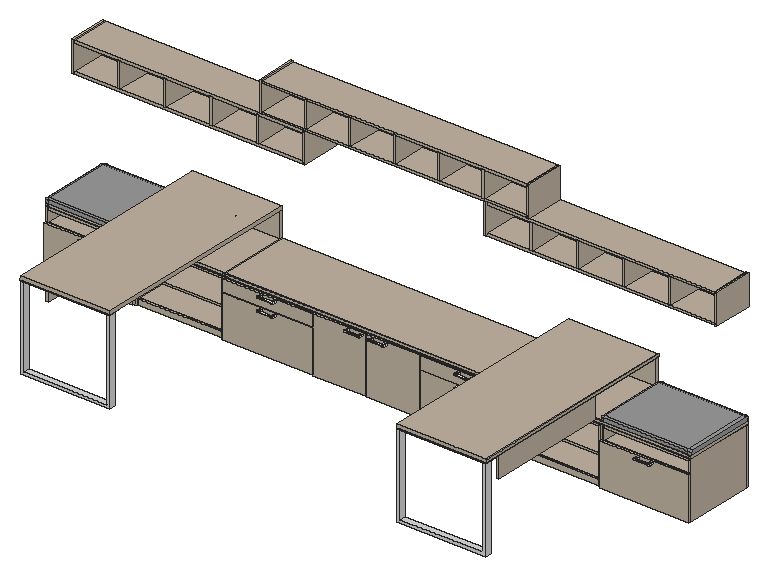
Revit family "JSI-Vision-Typical_Laminate-VST111", category Furniture, Revit 2020
Family settings
  OmniClass Number = 23.40.20.00
  OmniClass Title = General Furniture and Specialties
  Work Plane-Based = No
  Always vertical = Yes
  Cut with Voids When Loaded = No
  Shared = No
  Room Calculation Point = No
Parameters (values of type "VST111")
  URL = "www.jsifurniture.com"
  Type Comments = "Typical Laminate"  # constant formula
  Model = "VST111"
  Manufacturer = "JSI"  # constant formula
  Keynote = "12500"
  Default Elevation = 0"
  Assembly Code = "E2020200"
Reference planes (in)
  plane 1 "Center Front/Back": y = 0
  plane 2: z = 0
  plane 3 "Center Left/Right": x = 0
Dimensions and locks (in)
  aligned and locked: level to plane 2
Nested families (in)
  nested 1: "JSI-Vision-Bench_Height_Cushion" at (-108, -0.00381, 0.5406), type "VSB2430CUSH, 24d Bench H Cushion, 30 W"
    with Width 30"
  nested 2: "JSI-Vision-Wall_Mount_Cubby" at (-108.125, 0.129, -7.85025), type "VST1078WCU, Laminate Wall Mount Cubby 10" x 78""
    with Overall Height 72", Verticall Partition Distance 15.45", Ver. Partition Start Distance 15.45", Unit Centre 39", Width 78", Overhead Height 0.0684", Height 10.056", Depth 12.996", # of Vertical Partition 4
  nested 3: "JSI-Vision-Rectangle_Desk_Top" at (-48, 0, -1.6464) x (0, -1, 0) z (0, 0, 1), type "VST3072MCT, Laminate Rectangular Desk Top, 30" x 72""
    with Width 72"
  nested 4: "JSI-Vision-Bench_Height_T_Sup" at (84.25163, -10.75, 20.0406), type "VSTB1030TSP, Laminate 30  Bench Height T Supports"
    with Width 29 5/8", Height 8.313"
  nested 5: "JSI-Vision-Single Door_Modular_Bench_Pedestal" at (-18, -0.74619, 0), type "VSTB2418MHL, Sngl Door Modular Bench Ped Left"
  nested 6: "JSI-Vision-Single Door_Modular_Bench_Pedestal" at (0, -0.74619, 0), type "VSTB2418MHR, Sngl Door Modular Bench Ped Right"
  nested 7: "JSI-Vision-Box_File_Modular_Bench_Pedestal" at (-48, -0.74619, 0), type "VSTB2430MBF - Laminate BF Modular Bench H Ped"
    with Width 30", Height 18.744", Depth 24"
  nested 8: "JSI-Vision-Open_Shelf_File_Modular_Bench_Pedestal" at (-108, -0.74619, 0), type "VSTB2430MOF, Laminate OF Modular Bench H Ped"
    with Width 30", Height 18.744", Depth 24"
  nested 9: "JSI-Vision-Open_Shelf_Modular_Bench_Pedestal" at (-78, -0.74238, 0), type "VSTB2430MOS, Laminate OS Modular Bench H Ped"
    with Width 30", Height 18.744", Depth 24"
  nested 10: "JSI-Vision-Bench_Height_Modular_Top" at (-108, 0, -0.6469), type "VSTB2460MT, Laminate Mod Bench H Top, 24" x 60""
    with Width 60", Depth 24"
  nested 11: "JSI-Vision-Bench_Height_Modular_Top" at (-48, 0, -0.756), type "VSTB2496MT, Laminate Mod Bench H Top, 24" x 96""
    with Width 96", Depth 24"
  nested 12: "JSI-Vision-Box_File_Modular_Bench_Pedestal" at (48, -0.74619, 0) x (-1, 0, 0) z (0, 0, 1), type "VSTB2430MBF - Laminate BF Modular Bench H Ped"
    with Width 30", Height 18.744", Depth 24"
  nested 13: "JSI-Vision-Open_Shelf_File_Modular_Bench_Pedestal" at (108, -0.74619, 0) x (-1, 0, 0) z (0, 0, 1), type "VSTB2430MOF, Laminate OF Modular Bench H Ped"
    with Width 30", Height 18.744", Depth 24"
  nested 14: "JSI-Vision-Open_Shelf_Modular_Bench_Pedestal" at (78, -0.74238, 0) x (-1, 0, 0) z (0, 0, 1), type "VSTB2430MOS, Laminate OS Modular Bench H Ped"
    with Width 30", Height 18.744", Depth 24"
  nested 15: "JSI-Vision-Bench_Height_T_Sup" at (-84.25163, -10.75, 20.0406) x (-1, 0, 0) z (0, 0, 1), type "VSTB1030TSP, Laminate 30  Bench Height T Supports"
    with Width 29 5/8", Height 8.313"
  nested 16: "JSI-Vision-Bench_Height_Modular_Top" at (108, 0, -0.6469) x (-1, 0, 0) z (0, 0, 1), type "VSTB2460MT, Laminate Mod Bench H Top, 24" x 60""
    with Width 60", Depth 24"
  nested 17: "JSI-Vision-Rectangle_Desk_Top" at (48, 0, -1.6464) x (0, -1, 0) z (0, 0, 1), type "VST3072MCT, Laminate Rectangular Desk Top, 30" x 72""
    with Width 72"
  nested 18: "JSI-Vision-Bench_Height_Cushion" at (108, -0.00381, 0.5406) x (-1, 0, 0) z (0, 0, 1), type "VSB2430CUSH, 24d Bench H Cushion, 30 W"
    with Width 30"
  nested 19: "JSI-Vision-Wall_Mount_Cubby" at (108.125, 0.129, -7.85025) x (-1, 0, 0) z (0, 0, 1), type "VST1078WCU, Laminate Wall Mount Cubby 10" x 78""
    with Overall Height 72", Verticall Partition Distance 15.45", Ver. Partition Start Distance 15.45", Unit Centre 39", Width 78", Overhead Height 0.0684", Height 10.056", Depth 12.996", # of Vertical Partition 4
  nested 20: "JSI-Vision-Wall_Mount_Cubby" at (-45.125, 0.129, 2.24425), type "VST1090WCU, Laminate Wall Mount Cubby 10" x 90""
    with Overall Height 72", Verticall Partition Distance 14 7/8", Ver. Partition Start Distance 14 7/8", Unit Centre 45", Width 90", Overhead Height 0.066", Height 10.032", Depth 12.996", # of Vertical Partition 5
  nested 21: "JSI-Vision-Metal_Rectangular_Base" at (-48.09375, -71, 0) x (0, -1, 0) z (0, 0, 1), type "VSB3028FSQ, Metal Rectangular Base for Peninsula 28 5/16"H"
  nested 22: "JSI-Vision-Metal_Rectangular_Base" at (77.90625, -71, 0) x (0, -1, 0) z (0, 0, 1), type "VSB3028FSQ, Metal Rectangular Base for Peninsula 28 5/16"H"
  nested 23: "JSI-Vision-Support_Rail_Work_Surface" at (-71, -64.00599, 0.54138) x (0, 1, 0) z (0, 0, 1), type "GP0255SB, Metal Support Rail for Work Surface  2W 55 L 3/4H"
  nested 24: "JSI-Vision-Support_Rail_Work_Surface" at (-55, -64.00599, 0.54138) x (0, 1, 0) z (0, 0, 1), type "GP0255SB, Metal Support Rail for Work Surface  2W 55 L 3/4H"
  nested 25: "JSI-Vision-Support_Rail_Work_Surface" at (71, -64.00599, 0.54138) x (0, 1, 0) z (0, 0, 1), type "GP0255SB, Metal Support Rail for Work Surface  2W 55 L 3/4H"
  nested 26: "JSI-Vision-Support_Rail_Work_Surface" at (55, -64.00599, 0.54138) x (0, 1, 0) z (0, 0, 1), type "GP0255SB, Metal Support Rail for Work Surface  2W 55 L 3/4H"
  nested 27: "JSI-Vision-Adj_Bridge_Modesty" at (-75.75, -64.00599, -0.4589) x (0, 1, 0) z (0, 0, 1), type "VST0940TDM, Modesty for Adj Bridge, 40"W"
  nested 28: "JSI-Vision-Adj_Bridge_Modesty" at (75.75, -64.00599, -0.4589) x (0, 1, 0) z (0, 0, 1), type "VST0940TDM, Modesty for Adj Bridge, 40"W"
  nested 29: "JSI-Vision-Filler_Back_Panel_for_Bench_Height" at (-108, 0, 0), type "VSTB0419MBK, Filler Back Panel for Bench Height 18 3/4"H, 4"W"
    with Height 18 27/32"
  nested 30: "JSI-Vision-Filler_Back_Panel_for_Bench_Height" at (104, 0, 0), type "VSTB0419MBK, Filler Back Panel for Bench Height 18 3/4"H, 4"W"
    with Height 18 27/32"
Definition of nested family "JSI-Vision-Bench_Height_Cushion"
  Parameters (values of type "Type Catalog")
    Width = 36"
    URL = "www.jsifurniture.com"
    Type Comments = ""
    Series = "Vision Casegoods"  # constant formula
    Model = "Type Catalog"
    Material = ""
    Manufacturer = "JSI"  # constant formula
    Keynote = "12500"
    JSI Enviromental Website = "http://www.jsifurniture.com/jsi_sustainability_intro.php"
    Height = 1 1/2"
    Description = "Type Catalog"
    Depth = 24"
    Default Elevation = 0"
    Cushion Finish = none
    Bench Height = 19 1/2"
    Assembly Code = "E2020200"
  Reference planes (in)
    plane 1 "Center Front/Back": y = 0
    plane 2: z = 0
    plane 3 "Center Left/Right": x = 0
    plane 4: z = 0
    plane 5: z = 19.5
    plane 6: z = 21
    plane 7: z = 20.625
    plane 8: x = 36
    plane 9: y = -24
  Forms (in)
    Sweep 1, solid, material <- "Cushion Finish"
      path origin (7.5, 51.481, 49.125) x (0, 1, 0) y (0, 0, 1)
        loop
          line (-51.481, -29.625) -> (-51.481, -28.5625)
          arc (-51.481, -28.5625) -> (-51.60914, -28.25314) -> (-51.9185, -28.125) r 0.4375
          line (-51.9185, -28.125) -> (-75.0435, -28.125)
          arc (-75.0435, -28.125) -> (-75.35286, -28.25314) -> (-75.481, -28.5625) r 0.4375
          line (-75.481, -28.5625) -> (-75.481, -29.625)
      profile origin (7.5, -12, 21) x (0, 0, -1) y (1, 0, 0)
        loop
          line (0.375, -7.5) -> (0.375, 28.5)
          spline (0.375, 28.5) -> (0.32605, 28.49144) -> (0.27794, 28.46593) -> (0.23149, 28.42388) -> (0.1875, 28.36603) -> (0.14671, 28.29335) -> (0.10983, 28.20711) -> (0.07749, 28.10876) -> (0.05024, 28) -> (0.02855, 27.88268) -> (0.01278, 27.75882) -> (0.00321, 27.63053) -> (0, 27.5)
          line (0, 27.5) -> (0, -6.5)
          spline (0, -6.5) -> (0.00321, -6.63053) -> (0.01278, -6.75882) -> (0.02855, -6.88268) -> (0.05024, -7) -> (0.07749, -7.10876) -> (0.10983, -7.20711) -> (0.14671, -7.29335) -> (0.1875, -7.36603) -> (0.23149, -7.42388) -> (0.27794, -7.46593) -> (0.32605, -7.49144) -> (0.375, -7.5)
    Extrusion 2, solid, material <- "Cushion Finish"
      sketch origin (7.5, 51.481, 49.125) x (0, 1, 0) y (0, 0, 1)
        loop
          line (-51.856, -29.625) -> (-51.856, -28.5625)
          arc (-51.856, -28.5625) -> (-51.87431, -28.51831) -> (-51.9185, -28.5) r 0.0625
          line (-51.9185, -28.5) -> (-75.0435, -28.5)
          arc (-75.0435, -28.5) -> (-75.0877, -28.51831) -> (-75.106, -28.5625) r 0.0625
          line (-75.106, -28.5625) -> (-75.106, -29.625) -> (-51.856, -29.625)
      from -7.5 to 28.5
  Lines and regions (in)
    symbolic lines
      curve 1: line (36, -0.375, 0) -> (36, -23.625, 0)
      curve 2: line (35, -24, 0) -> (1, -24, 0)
      curve 3: spline (0, -23.625, 0) -> (0.00856, -23.67395, 0) -> (0.03407, -23.72206, 0) -> (0.07612, -23.76851, 0) -> (0.13397, -23.8125, 0) -> (0.20665, -23.85329, 0) -> (0.29289, -23.89017, 0) -> (0.39124, -23.92251, 0) -> (0.5, -23.94976, 0) -> (0.61732, -23.97145, 0) -> (0.74118, -23.98722, 0) -> (0.86947, -23.99679, 0) -> (1, -24, 0)
      curve 4: spline (36, -23.625, 0) -> (35.99144, -23.67395, 0) -> (35.96593, -23.72206, 0) -> (35.92388, -23.76851, 0) -> (35.86603, -23.8125, 0) -> (35.79335, -23.85329, 0) -> (35.70711, -23.89017, 0) -> (35.60876, -23.92251, 0) -> (35.5, -23.94976, 0) -> (35.38268, -23.97145, 0) -> (35.25882, -23.98722, 0) -> (35.13053, -23.99679, 0) -> (35, -24, 0)
      curve 5: line (1, 0, 0) -> (35, 0, 0)
      curve 6: spline (36, -0.375, 0) -> (35.99144, -0.32605, 0) -> (35.96593, -0.27794, 0) -> (35.92388, -0.23149, 0) -> (35.86603, -0.1875, 0) -> (35.79335, -0.14671, 0) -> (35.70711, -0.10983, 0) -> (35.60876, -0.07749, 0) -> (35.5, -0.05024, 0) -> (35.38268, -0.02855, 0) -> (35.25882, -0.01278, 0) -> (35.13053, -0.00321, 0) -> (35, 0, 0)
      curve 7: spline (0, -0.375, 0) -> (0.00856, -0.32605, 0) -> (0.03407, -0.27794, 0) -> (0.07612, -0.23149, 0) -> (0.13397, -0.1875, 0) -> (0.20665, -0.14671, 0) -> (0.29289, -0.10983, 0) -> (0.39124, -0.07749, 0) -> (0.5, -0.05024, 0) -> (0.61732, -0.02855, 0) -> (0.74118, -0.01278, 0) -> (0.86947, -0.00321, 0) -> (1, 0, 0)
      curve 8: line (0, -0.375, 0) -> (0, -23.625, 0)
  Dimensions and locks (in)
    "Height": plane 6 to plane 5
    locked: plane 7 to plane 5 at 1.125
    "Bench Height": plane 5 to level
    "Width": plane 3 "Center Left/Right" to plane 8
    "Depth": plane 1 "Center Front/Back" to plane 9
    locked: Sweep 1 sketch curve to plane 3 "Center Left/Right" at 1
    locked: Sweep 1 sketch curve to plane 8 at 1
    aligned and locked: level to plane 2
    aligned and locked: level to plane 4
    aligned and locked: Sweep 1 to plane 5
    aligned and locked: Extrusion 2 to Sweep 1  (x3)
    aligned and locked: Extrusion 2 to plane 3 "Center Left/Right"
    aligned and locked: Extrusion 2 to plane 8
    aligned and locked: plane 1 "Center Front/Back" to Sweep 1 sketch curve
    aligned and locked: plane 9 to Sweep 1 sketch curve
    aligned and locked: Sweep 1 sketch curve to plane 6
  Automatic sketch dimensions
    Sweep 1 sketch curve to plane 5 = 0"  (x2)
    Sweep 1 sketch curve to plane 7 = 1/16"
    plane 1 "Center Front/Back" to Sweep 1 sketch curve = 7/16"
    Sweep 1 sketch curve to profile plane = 0"
    Sweep 1 sketch curve to profile plane = 3/8"
    Sweep 1 sketch curve to Sweep 1 sketch curve = 1"  (x2)
    Extrusion 2 sketch curve to plane 5 = 0"
    Extrusion 2 sketch curve to plane 7 = 0"
    plane 9 to Extrusion 2 sketch curve = 3/8"
    Extrusion 2 sketch curve to plane 7 = 1/16"
    plane 1 "Center Front/Back" to Extrusion 2 sketch curve = 7/16"
    plane 1 "Center Front/Back" to Extrusion 2 sketch curve = 3/8"
    curve 3 to plane 3 "Center Left/Right" = 0"
    curve 3 to plane 9 = 0"
    plane 1 "Center Front/Back" to curve 7 = 0"
    curve 4 to plane 8 = 0"
    plane 3 "Center Left/Right" to curve 2 = 1"
    plane 3 "Center Left/Right" to curve 5 = 1"
    plane 8 to curve 5 = 1"
    plane 8 to curve 2 = 1"
    plane 9 to curve 1 = 3/8"
    plane 1 "Center Front/Back" to curve 1 = 3/8"
    plane 9 to curve 3 = 3/8"
    plane 1 "Center Front/Back" to curve 8 = 3/8"
Definition of nested family "JSI-Vision-Wall_Mount_Cubby"
  Parameters (values of type "Type Catalog")
    Verticall Partition Distance = if(Width > 47", ((Width - 3/4" - 3/4" - (# of Vertical Partition * 3/4")) / (# of Vertical Partition + 1) + 3/4"), 0")  # 17 3/4"
    Ver. Partition Start Distance = if(Width < 48", (Unit Centre - 3/8"), Verticall Partition Distance)  # 17 3/4"
    Unit Centre = Width / 2  # 27"
    Width = 54"
    URL = "www.jsifurniture.com"
    Type Comments = ""
    Tag = "Open"
    Series = "Vision Casegoods"  # constant formula
    Overhead Height = 1/16"
    Overall Height [instance] = 72"
    Model = "Type Catalog"
    Material = ""
    Manufacturer = "JSI"  # constant formula
    Keynote = "12500"
    JSI Enviromental Website = "http://www.svxfurniture.com/svx_sustainability_intro.php"
    Height = 10"
    Description = "Type Catalog"
    Depth = 13"
    Default Elevation = 0"
    Chassis = none
    Assembly Code = "E2020200"
    # of Vertical Partition = if(Width > 89", 5, (if(Width > 77", 4, (if(Width > 59", 3, (if(Width > 47", 2, 2)))))))  # 2
  Reference planes (in)
    plane 1 "Center Front/Back": y = 0
    plane 2: z = 0
    plane 3 "Center Left/Right": x = 0
    plane 4: z = 0
    plane 5: y = -0.125
    plane 6: x = 54.25
    plane 7: x = 0.125
    plane 8: x = 54.125
    plane 9: y = -13.21875
    plane 10: z = 72
    plane 11: x = 0.875
    plane 12: x = 53.375
    plane 13: y = -0.9375
    plane 14: y = -1.6875
    plane 15: z = 71.1875
    plane 16: z = 61.9375
    plane 17: z = 62.6875
    plane 18: z = 61.90625
    plane 19: z = 66
    plane 20: z = 68.1875
    plane 21: z = 69
    plane 22: x = 1.5
    plane 23: x = 52.75
    plane 24: y = -13.125
    plane 25: x = 27.125
    plane 26: z = 71.9375
    plane 27: z = 71.90625
    plane 28: x = 17.875
    plane 29: x = 18.25
    plane 30: x = 18.625
    plane 31: x = 0.5
    plane 32: x = 53.75
  Forms (in)
    Extrusion 1, solid, material <- "Chassis"
      sketch origin (0, 0, 0) x (1, 0, 0) y (0, 1, 0)
        loop
          line (0.125, -0.125) -> (0.125, -13.21875) -> (0.875, -13.21875) -> (0.875, -0.125) -> (0.125, -0.125)
      from 61.90625 to 72
    Extrusion 2, solid, material <- "Chassis"
      sketch origin (0, 0, 0) x (1, 0, 0) y (0, 1, 0)
        loop
          line (54.125, -0.125) -> (53.375, -0.125) -> (53.375, -13.21875) -> (54.125, -13.21875) -> (54.125, -0.125)
      from 61.90625 to 72
    Extrusion 3, solid, material <- "Chassis"
      sketch origin (0, 0, 0) x (1, 0, 0) y (0, 0, 1)
        loop
          line (0.875, 71.9375) -> (0.875, 71.1875) -> (53.375, 71.1875) -> (53.375, 71.9375) -> (0.875, 71.9375)
      from 0.125 to 13.125
    Extrusion 4, solid, material <- "Chassis"
      sketch origin (0, 0, 0) x (1, 0, 0) y (0, 0, 1)
        loop
          line (0.875, 62.6875) -> (0.875, 61.9375) -> (53.375, 61.9375) -> (53.375, 62.6875) -> (0.875, 62.6875)
      from 1.6875 to 13.125
    Extrusion 5, solid, material <- "Chassis"
      sketch origin (130.61992, -0.9375, 48) x (1, 0, 0) y (0, 0, 1)
        loop
          line (-129.74492, 23.1875) -> (-129.74492, 13.9375) -> (-77.24492, 13.9375) -> (-77.24492, 23.1875) -> (-129.74492, 23.1875)
      from 0 to 0.75
    Extrusion 6, solid, material <- "Chassis"
      sketch origin (1.5, -180, 96) x (0, 0, 1) y (0, -1, 0)
        loop
          line (-24.8125, -179.875) -> (-24.8125, -179.0625) -> (-27, -179.0625) -> (-27.8125, -179.875) -> (-24.8125, -179.875)
      from -0.625 to 51.875
    Extrusion 7, solid, material <- "Chassis"
      sketch origin (1.5, -180, 96) x (0, 0, 1) y (0, -1, 0)
        loop
          line (-27, -179.0625) -> (-30, -179.0625) -> (-30, -179.875) -> (-27.8125, -179.875) -> (-27, -179.0625)
      from 0 to 51.25
    Extrusion 8, solid, material <- "Chassis"
      sketch origin (136.18242, -1.6875, 79.90625) x (1, 0, 0) y (0, 0, 1)
        loop
          line (-118.30742, -8.71875) -> (-118.30742, -17.21875) -> (-117.55742, -17.21875) -> (-117.55742, -8.71875) -> (-118.30742, -8.71875)
      from 0 to 11.4375
    Extrusion 9, solid, material <- "Chassis"
      sketch origin (153.93242, -1.6875, 79.90625) x (1, 0, 0) y (0, 0, 1)
        loop
          line (-118.30742, -8.71875) -> (-118.30742, -17.21875) -> (-117.55742, -17.21875) -> (-117.55742, -8.71875) -> (-118.30742, -8.71875)
      from 0 to 11.4375
  Lines and regions (in)
    symbolic lines
      curve 1: line (54.125, -0.125, 0) -> (0.125, -0.125, 0)
      curve 2: line (0.125, -0.125, 0) -> (0.125, -13.21875, 0)
      curve 3: line (54.125, -13.21875, 0) -> (54.125, -0.125, 0)
      curve 4: line (0.125, -13.21875, 0) -> (54.125, -13.21875, 0)
  Dimensions and locks (in)
    locked: plane 3 "Center Left/Right" to plane 7 at 0.125
    locked: plane 8 to plane 6 at 0.125
    locked: plane 5 to plane 1 "Center Front/Back" at 0.125
    locked: plane 7 to plane 11 at 0.75
    locked: plane 12 to plane 8 at 0.75
    plane 14 to plane 13 to plane 5 = 3/4" locked, 13/16" locked
    plane 10 to plane 26 to plane 15 = 1/16" locked, 3/4" locked
    plane 17 to plane 16 to plane 18 = 3/4" locked, 1/32" locked
    locked: plane 11 to plane 22 at 0.625
    locked: plane 23 to plane 12 at 0.625
    plane 15 to plane 21 to plane 20 to plane 19 = 2 3/16" locked, 13/16" locked, 2 3/16" locked
    locked: plane 9 to plane 24 at 0.09375
    "Depth": plane 24 to plane 5
    "Width": plane 7 to plane 8
    "Unit Centre": plane 7 to plane 25
    locked: plane 10 to plane 27 at 0.09375
    "Height": plane 27 to plane 18
    plane 28 to plane 29 to plane 30 = 3/8" locked, 3/8" locked
    locked: plane 7 to plane 31 at 0.375
    locked: plane 32 to plane 8 at 0.375
    group 1 to group 2 = 17 3/4"
    group 1 to group 2 = 0"  (x2)
    "Verticall Partition Distance": Extrusion 8 to Extrusion 9
    "Ver. Partition Start Distance": plane 11 to plane 30
    "Overall Height": plane 10 to level
    aligned and locked: level to plane 2
    aligned and locked: plane 5 to Extrusion 1 sketch curve
    aligned and locked: plane 7 to Extrusion 1 sketch curve
    aligned and locked: Extrusion 1 sketch curve to plane 11
    aligned and locked: Extrusion 2 sketch curve to plane 5
    aligned and locked: plane 8 to Extrusion 2 sketch curve
    aligned and locked: Extrusion 2 sketch curve to plane 12
    aligned and locked: plane 9 to Extrusion 1
    aligned and locked: plane 9 to Extrusion 2
    aligned and locked: Extrusion 4 sketch curve to plane 17
    aligned and locked: plane 11 to Extrusion 4 sketch curve
    aligned and locked: plane 16 to Extrusion 4 sketch curve
    aligned and locked: Extrusion 4 sketch curve to plane 12
    aligned and locked: Extrusion 4 to plane 14
    aligned and locked: Extrusion 1 to Extrusion 5 sketch curve
    aligned and locked: Extrusion 2 to Extrusion 5 sketch curve
    aligned and locked: Extrusion 1 to plane 18
    aligned and locked: Extrusion 2 to plane 18
    aligned and locked: plane 5 to Extrusion 6 sketch curve
    aligned and locked: Extrusion 6 sketch curve to plane 13
    aligned and locked: Extrusion 6 sketch curve to plane 15
    aligned and locked: plane 20 to Extrusion 6 sketch curve
    aligned and locked: plane 21 to Extrusion 6 sketch curve
    aligned and locked: Extrusion 6 to plane 11
    aligned and locked: plane 12 to Extrusion 6
    aligned and locked: Extrusion 7 sketch curve to Extrusion 6
    aligned and locked: Extrusion 7 sketch curve to plane 5
    aligned and locked: plane 13 to Extrusion 7 sketch curve
    aligned and locked: Extrusion 7 sketch curve to plane 19
    aligned and locked: plane 21 to Extrusion 7 sketch curve
    aligned and locked: plane 20 to Extrusion 7 sketch curve
    aligned and locked: Extrusion 7 to plane 22
    aligned and locked: plane 23 to Extrusion 7
    aligned and locked: plane 9 to nested 1
    aligned and locked: plane 10 to Extrusion 1
    aligned and locked: plane 10 to Extrusion 2
    aligned and locked: plane 26 to Extrusion 3
    aligned and locked: Extrusion 3 to plane 15
    aligned and locked: plane 24 to Extrusion 3
    aligned and locked: plane 24 to Extrusion 4
    aligned and locked: Extrusion 5 to plane 16
    aligned and locked: Extrusion 3 to plane 5
    aligned and locked: Extrusion 8 to plane 14
    aligned and locked: plane 24 to Extrusion 8
    aligned and locked: plane 30 to Extrusion 8
    aligned and locked: Extrusion 8 to plane 28
    aligned and locked: plane 15 to Extrusion 8
    aligned and locked: plane 15 to Extrusion 9
    aligned and locked: plane 25 to nested 1
  Automatic sketch dimensions
    Extrusion 3 sketch curve to plane 8 = 3/4"
    Extrusion 3 sketch curve to plane 15 = 0"
    plane 9 to Extrusion 2 sketch curve = 0"
    plane 9 to Extrusion 1 sketch curve = 0"
    curve 2 to plane 7 = 0"
    plane 5 to curve 3 = 0"
    curve 3 to plane 8 = 0"
    plane 9 to curve 4 = 0"
    plane 7 to Extrusion 3 sketch curve = 3/4"
    plane 15 to Extrusion 5 sketch curve = 0"
    Extrusion 3 sketch curve to plane 10 = 1/16"
    Extrusion 8 sketch curve to Extrusion 8 sketch curve = 3/4"
    Extrusion 8 sketch curve to Extrusion 8 sketch curve = 8 1/2"
    Extrusion 9 sketch curve to Extrusion 9 sketch curve = 3/4"
    Extrusion 9 sketch curve to Extrusion 9 sketch curve = 8 1/2"
    Extrusion 5 sketch curve to plane 16 = 0"
  Nested families (in)
    nested 1: "Label 1-16 OH" at (27.125, -13.21875, 0), type "OH DOORS"
  Definition of nested family "Label 1-16 OH"
    Parameters
      Width = 1"
      Model Name = "XX"
    Reference planes (in)
      plane 1: y = 0
      plane 2: x = 0
    Text (in)
      label "XX" at (0.00051, -0.12324, 0), shows "Model Name"
Definition of nested family "JSI-Vision-Rectangle_Desk_Top"
  Parameters (values of type "Type Catalog")
    Worksurface = none
    Width = 42"
    URL = "www.jsifurniture.com"
    Type Comments = ""
    Series = "Vision Casegoods"  # constant formula
    Model = "Type Catalog"
    Material = ""
    Manufacturer = "JSI"  # constant formula
    Keynote = "12500"
    JSI Enviromental Website = "http://www.jsifurniture.com/jsi_sustainability_intro.php"
    Height = 30"
    Description = "Type Catalog"
    Depth = 30"
    Default Elevation = 0"
    Assembly Code = "E2020200"
  Reference planes (in)
    plane 1 "Center Front/Back": y = 0
    plane 2: z = 0
    plane 3 "Center Left/Right": x = 0
    plane 4: z = 0
    plane 5: x = 42
    plane 6: y = -30
    plane 7: z = 31.1875
    plane 8: z = 30
  Forms (in)
    Extrusion 1, solid, material <- "Worksurface"
      sketch origin (0, 0, 28) x (0, 1, 0) y (0, 0, 1)
        loop
          line (-29.88189, 2) -> (0, 2) -> (0, 3.1875) -> (-29.88189, 3.1875)
          arc (-29.88189, 3.1875) -> (-29.96541, 3.15291) -> (-30, 3.06939) r 0.11811
          line (-30, 3.06939) -> (-30, 2.11811)
          arc (-30, 2.11811) -> (-29.96541, 2.03459) -> (-29.88189, 2) r 0.11811
      from 0 to 42
  Lines and regions (in)
    symbolic lines
      curve 1: line (0, 0, 0) -> (42, 0, 0)
      curve 2: line (0, -30, 0) -> (0, 0, 0)
      curve 3: line (42, -30, 0) -> (0, -30, 0)
      curve 4: line (42, 0, 0) -> (42, -30, 0)
  Dimensions and locks (in)
    "Depth": plane 6 to plane 1 "Center Front/Back"
    "Width": plane 5 to plane 3 "Center Left/Right"
    locked: plane 7 to plane 8 at 1.1875
    "Height": plane 8 to level
    aligned and locked: level to plane 2
    aligned and locked: plane 5 to Extrusion 1
    aligned and locked: curve 1 to Extrusion 1
    aligned and locked: curve 2 to Extrusion 1
    aligned and locked: plane 6 to curve 3
    aligned and locked: curve 4 to plane 5
    aligned and locked: Extrusion 1 to plane 8
    aligned and locked: Extrusion 1 to plane 7
  Automatic sketch dimensions
    Extrusion 1 sketch curve to plane 6 = 0"
    level to Extrusion 1 sketch curve = 30"
    Extrusion 1 sketch curve to plane 7 = 0"
    Extrusion 1 sketch curve to plane 1 "Center Front/Back" = 0"
    Extrusion 1 sketch curve to Extrusion 1 sketch curve = 0.11811"
    plane 6 to Extrusion 1 sketch curve = 0.11811"
Definition of nested family "JSI-Vision-Bench_Height_T_Sup"
  Parameters (values of type "Type Catalog")
    Default Elevation = 0"
    Chassis Finish = none
    Width = 23 5/8"
    URL = "www.jsifurniture.com"
    Type Comments = ""
    Series = "Vision Casegoods"  # constant formula
    Model = "Type Catalog"
    Material = ""
    Manufacturer = "JSI"  # constant formula
    Keynote = "12500"
    JSI Enviromental Website = "http://www.jsifurniture.com/jsi_sustainability_intro.php"
    Height = 8 5/16"
    Grommet Finish = none
    Description = "Type Catalog"
    Depth = 9 3/4"
    Assembly Code = "E2020200"
  Reference planes (in)
    plane 1: z = 0
    plane 2 "Center (Left/Right)": x = -36.06413
    plane 3: z = 8.3125
    plane 4: y = 1
    plane 5 "Center (Front/Back)": y = 10.75
    plane 6: x = -24.25163
    plane 7: x = -12.43913
    plane 8: z = 6.92112
    plane 9: y = 10
    plane 10: y = 8
    plane 11: z = 6.875
    plane 12: x = -23.87663
    plane 13: x = -24.62663
  Forms (in)
    Extrusion 1, solid, material <- "Chassis Finish"
      sketch origin (0, 10.75, 0) x (1, 0, 0) y (0, 0, 1)
        loop
          line (-36.06413, 8.3125) -> (-36.06413, 0) -> (-12.43913, 0) -> (-12.43913, 8.3125) -> (-36.06413, 8.3125)
      from 0 to 0.75
    Extrusion 2, solid, material <- "Chassis Finish"
      sketch origin (-36.06413, 0, 0) x (0, 1, 0) y (0, 0, 1)
        loop
          line (10, 6.875) -> (8.25, 6.875)
          arc (8.25, 6.875) -> (8.07322, 6.94822) -> (8, 7.125) r 0.25
          line (8, 7.125) -> (8, 8.3125) -> (1, 8.3125) -> (1, 0) -> (10, 0) -> (10, 6.875)
      from 11.4375 to 12.1875
  Lines and regions (in)
    symbolic lines
      curve 1: line (-12.43913, 10.75, 0) -> (-36.06413, 10.75, 0)
      curve 2: line (-36.06413, 10.75, 0) -> (-36.06413, 10, 0)
      curve 3: line (-36.06413, 10, 0) -> (-12.43913, 10, 0)
      curve 4: line (-12.43913, 10, 0) -> (-12.43913, 10.75, 0)
      curve 5: line (-24.62663, 10, 0) -> (-24.62663, 1, 0)
      curve 6: line (-23.87663, 1, 0) -> (-23.87663, 10, 0)
      curve 7: line (-24.62663, 1, 0) -> (-23.87663, 1, 0)
  Dimensions and locks (in)
    "Height": plane 3 to level
    "Depth": plane 5 "Center (Front/Back)" to plane 4
    equal spacing: plane 2 "Center (Left/Right)", plane 6, plane 7
    "Width": plane 2 "Center (Left/Right)" to plane 7
    locked: plane 3 to plane 8 at 1.39138
    locked: plane 5 "Center (Front/Back)" to plane 9 at 0.75
    locked: plane 3 to plane 11 at 1.4375
    locked: plane 5 "Center (Front/Back)" to plane 10 at 2.75
    plane 12 to plane 6 to plane 13 = 3/8" locked, 3/8" locked
    aligned and locked: level to plane 1
    aligned and locked: Extrusion 1 sketch curve to plane 3
    aligned and locked: Extrusion 1 sketch curve to plane 2 "Center (Left/Right)"
    aligned and locked: Extrusion 1 sketch curve to plane 7
    aligned and locked: Extrusion 1 sketch curve to level
    aligned and locked: Extrusion 1 to plane 9
    aligned and locked: Extrusion 1 to plane 5 "Center (Front/Back)"
    aligned and locked: Extrusion 2 sketch curve to plane 9
    aligned and locked: Extrusion 2 sketch curve to plane 3
    aligned and locked: plane 4 to Extrusion 2 sketch curve
    aligned and locked: level to Extrusion 2 sketch curve
    aligned and locked: Extrusion 2 sketch curve to plane 10
    aligned and locked: Extrusion 2 sketch curve to plane 11
    aligned and locked: plane 12 to Extrusion 2
    aligned and locked: Extrusion 2 to plane 13
    aligned and locked: curve 1 to Extrusion 1
    aligned and locked: curve 2 to Extrusion 1
    aligned and locked: curve 3 to Extrusion 1
    aligned and locked: curve 4 to Extrusion 1
    aligned and locked: curve 5 to Extrusion 2
    aligned and locked: curve 6 to Extrusion 2
    aligned and locked: curve 7 to Extrusion 2
  Automatic sketch dimensions
    Extrusion 2 sketch curve to Extrusion 2 sketch curve = 1/4"
    curve 1 to plane 2 "Center (Left/Right)" = 0"
    plane 5 "Center (Front/Back)" to curve 1 = 0"
    curve 1 to plane 7 = 0"
    curve 2 to plane 9 = 0"
    curve 5 to plane 13 = 0"
    curve 6 to plane 4 = 0"
    curve 6 to plane 12 = 0"
Definition of nested family "JSI-Vision-Single Door_Modular_Bench_Pedestal"
  Parameters (values of type "Type Catalog")
    Width = 18"
    URL = "www.jsifurniture.com"
    Top = none
    Tag = "DOOR"
    Series = "Vision Casegoods"  # constant formula
    Pull Finish = none
    Model = "Type Catalog"
    Manufacturer = "JSI"  # constant formula
    Keynote = "12500"
    JSI Enviromental Website = "http://www.jsifurniture.com/jsi_sustainability_intro.php"
    Hinge = 14"
    Height = 18 3/4"
    Description = "Type Catalog"
    Depth = 18"
    Default Elevation = 0"
    Chassis = none
    Drawer Front = none
    Assembly Code = "E2020200"
  Reference planes (in)
    plane 1 "Center Front/Back": y = 0
    plane 2: z = 0
    plane 3 "Center Left/Right": x = 0
    plane 4: x = 18
    plane 5: y = -17.12
    plane 6: y = -17.25
    plane 7: x = 0.18716
    plane 8: x = 17.81244
    plane 9: y = -18
    plane 10: x = 0.75
    plane 11: x = 17.126
    plane 12: y = -0.8125
    plane 13: y = -16.37913
    plane 14: z = 18
    plane 15: x = 14
    plane 16: z = 18.8591
    plane 17: z = 18.75
    plane 18: z = 18.1091
  Forms (in)
    Extrusion 1, solid, material <- "Chassis"
      sketch origin (0.125, -0.1875, 48) x (0, 1, 0) y (0, 0, 1)
        loop
          line (0.1875, -29.1409) -> (-16.9325, -29.1409) -> (-16.9325, -48) -> (0.1875, -48) -> (0.1875, -29.1409)
      from -0.125 to 0.625
    Extrusion 2, solid, material <- "Chassis"
      sketch origin (29.875, -0.1875, 48) x (0, 1, 0) y (0, 0, 1)
        loop
          line (0.1875, -29.1409) -> (-16.9325, -29.1409) -> (-16.9325, -48) -> (0.1875, -48) -> (0.1875, -29.1409)
      from -12.749 to -11.875
    Extrusion 3, solid, material <- "Drawer Front"
      sketch origin (0, 0, 0) x (1, 0, 0) y (0, 0, 1)
        loop
          line (0.18716, 18.75) -> (0.18716, 0.125) -> (17.81244, 0.125) -> (17.81244, 18.75) -> (0.18716, 18.75)
      from 17.25 to 18
    Extrusion 4, solid, material <- "Chassis"
      sketch origin (0, 0, 0) x (1, 0, 0) y (0, 1, 0)
        loop
          line (0.75, -16.37913) -> (0.75, -17.12) -> (17.126, -17.12) -> (17.126, -16.37913) -> (0.75, -16.37913)
      from 0 to 1.9375
    Extrusion 5, solid, material <- "Top"
      sketch origin (0, 0, 0) x (0, 1, 0) y (0, 0, 1)
        loop
          line (0, 18.1091) -> (0, 18.8591) -> (-17.12, 18.8591) -> (-17.12, 18.1091) -> (0, 18.1091)
      from 0.75 to 17.126
    Extrusion 6, solid, material <- "Chassis"
      sketch origin (0, 0, 0) x (0, 1, 0) y (0, 0, 1)
        loop
          line (-16.37913, 1.1875) -> (0, 1.1875) -> (0, 1.9375) -> (-16.37913, 1.9375) -> (-16.37913, 1.1875)
      from 0.75 to 17.126
    Extrusion 7, solid, material <- "Drawer Front"
      sketch origin (0, 0, 0) x (0, 1, 0) y (0, 0, 1)
        loop
          line (-16.5625, 9.58219) -> (-0.25, 9.58219) -> (-0.25, 10.33219) -> (-16.5625, 10.33219) -> (-16.5625, 9.58219)
      from 0.75 to 17.126
    Extrusion 8, solid, material <- "Chassis"
      sketch origin (0, 0, 0) x (0, 1, 0) y (0, 0, 1)
        loop
          line (0, 18.1091) -> (-0.25, 18.1091) -> (-0.25, 1.9375) -> (0, 1.9375) -> (0, 18.1091)
      from 0.75 to 17.126
  Lines and regions (in)
    symbolic lines
      curve 1: line (0, 0, 0) -> (18, 0, 0)
      curve 2: line (0, -17.12, 0) -> (0, 0, 0)
      curve 3: line (18, -17.12, 0) -> (0, -17.12, 0)
      curve 4: line (18, 0, 0) -> (18, -17.12, 0)
      curve 5: line (0.18716, -17.25, 0) -> (17.81244, -17.25, 0)
      curve 6: line (0.18716, -18, 0) -> (0.18716, -17.25, 0)
      curve 7: line (17.81244, -18, 0) -> (0.18716, -18, 0)
      curve 8: line (17.81244, -17.25, 0) -> (17.81244, -18, 0)
    symbolic lines, detail levels medium+fine
      curve 9: line (0.75, -17.12, 0) -> (0.75, 0, 0)
      curve 10: line (17.126, -17.12, 0) -> (17.126, 0, 0)
  Dimensions and locks (in)
    plane 13 to plane 5 to plane 6 to plane 9 = 0.74087" locked, 0.13" locked, 3/4" locked
    "Depth": plane 1 "Center Front/Back" to plane 9
    locked: plane 17 to plane 16 at 0.1091
    locked: plane 17 to plane 14 at 0.75
    plane 11 to plane 8 to plane 4 = 0.68644" locked, 0.18756" locked
    plane 3 "Center Left/Right" to plane 7 to plane 10 = 0.18716" locked, 0.56284" locked
    "Width": plane 3 "Center Left/Right" to plane 4
    locked: plane 1 "Center Front/Back" to plane 12 at 0.8125
    "Hinge": plane 3 "Center Left/Right" to plane 15
    locked: plane 16 to plane 18 at 0.75
    "Height": level to plane 17
    plane 2 to Extrusion 6 sketch curve to Extrusion 6 sketch curve = 1 3/16" locked, 3/4" locked
    locked: plane 13 to Extrusion 7 sketch curve at 0.18337
    plane 2 to Extrusion 7 sketch curve to Extrusion 7 sketch curve = 9.58219" locked, 3/4" locked
    locked: plane 1 "Center Front/Back" to Extrusion 8 sketch curve at 0.25
    aligned and locked: level to plane 2
    aligned and locked: Extrusion 1 sketch curve to plane 5
    aligned and locked: Extrusion 1 sketch curve to level
    aligned and locked: level to Extrusion 2 sketch curve
    aligned and locked: plane 5 to Extrusion 2 sketch curve
    aligned and locked: Extrusion 3 sketch curve to plane 7
    aligned and locked: plane 8 to Extrusion 3 sketch curve
    aligned and locked: Extrusion 3 to plane 9
    aligned and locked: plane 6 to Extrusion 3
    aligned and locked: Extrusion 4 sketch curve to plane 13
    aligned and locked: plane 10 to Extrusion 4 sketch curve
    aligned and locked: nested 1 to plane 9
    aligned and locked: plane 14 to nested 1
    aligned and locked: nested 1 to plane 15
    aligned and locked: plane 15 to nested 2
    aligned and locked: nested 2 to plane 9
    aligned and locked: plane 17 to Extrusion 3 sketch curve
    aligned and locked: plane 3 "Center Left/Right" to curve 2
    aligned and locked: plane 1 "Center Front/Back" to curve 1
    aligned and locked: curve 4 to plane 4
    aligned and locked: Extrusion 5 to plane 5
    aligned and locked: plane 16 to Extrusion 5
    aligned and locked: Extrusion 5 to plane 18
    aligned and locked: Extrusion 5 to plane 10
    aligned and locked: plane 11 to Extrusion 5
    aligned and locked: plane 13 to Extrusion 6 sketch curve
    aligned and locked: Extrusion 7 to plane 10
    aligned and locked: plane 11 to Extrusion 7
    aligned and locked: Extrusion 2 to plane 1 "Center Front/Back"
    aligned and locked: Extrusion 1 to plane 1 "Center Front/Back"
    aligned and locked: Extrusion 6 to plane 1 "Center Front/Back"
    aligned and locked: Extrusion 5 to plane 1 "Center Front/Back"
    aligned and locked: plane 1 "Center Front/Back" to Extrusion 8 sketch curve
    aligned and locked: Extrusion 6 to Extrusion 8 sketch curve
    aligned and locked: Extrusion 8 sketch curve to plane 18
    aligned and locked: Extrusion 8 to plane 10
    aligned and locked: plane 11 to Extrusion 8
    aligned and locked: Extrusion 7 sketch curve to Extrusion 8
    aligned and locked: curve 9 to Extrusion 1
    aligned and locked: curve 10 to Extrusion 2
  Automatic sketch dimensions
    Extrusion 4 sketch curve to plane 5 = 0"
    Extrusion 4 sketch curve to plane 11 = 0"
    plane 9 to Extrusion 5 sketch curve = 0.88"
    Extrusion 5 sketch curve to plane 16 = 3/4"
    plane 1 "Center Front/Back" to Extrusion 5 sketch curve = 0"
    Extrusion 1 sketch curve to plane 16 = 0"
    Extrusion 2 sketch curve to plane 16 = 0"
    plane 16 to Extrusion 5 sketch curve = 0"
    level to Extrusion 3 sketch curve = 1/8"
    plane 12 to Extrusion 1 sketch curve = 13/16"
    plane 12 to Extrusion 2 sketch curve = 13/16"
    plane 12 to Extrusion 6 sketch curve = 13/16"
    curve 6 to plane 6 = 0"
    curve 6 to plane 7 = 0"
    curve 10 to plane 5 = 0"
    curve 7 to plane 8 = 0"
    curve 8 to plane 9 = 0"
  Nested families (in)
    nested 1: "Bar Pull" at (14, -18, 18), Pull Finish <- "Pull Finish", type "PL"
      with Pull Finish none
    nested 2: "Label 1-16" at (14, -18, 0), type "DRWCFG"
  Definition of nested family "Bar Pull"
    Parameters
      Pull Finish [instance] = none
      Default Elevation = 0"
    Reference planes (in)
      plane 1 "Center Front/Back": y = 0
      plane 2: z = 0
      plane 3 "Center Left/Right": x = 0
      plane 4: x = -2.68731
      plane 5: x = -1.88731
      plane 6: x = 2.68731
      plane 7: x = 1.88731
      plane 8: y = -1
      plane 9: y = -0.85202
    Forms (in)
      Extrusion 1, solid, material <- "Pull Finish"
        sketch origin (0, 0, 0) x (0, 1, 0) y (0, 0, 1)
          loop
            line (0, -0.2015) -> (0, 0.2015) -> (-0.85202, 0.2015)
            arc (-0.85202, 0.2015) -> (-0.75, 0) -> (-0.85202, -0.2015) r 0.25
            line (-0.85202, -0.2015) -> (0, -0.2015)
        from 1.88731 to 2.68731
      Extrusion 2, solid, material <- "Pull Finish"
        sketch origin (0, 0, 0) x (0, 1, 0) y (0, 0, 1)
          loop
            circle (-1, 0) r 0.25
        from -2.68731 to 2.68731
      Extrusion 3, solid, material <- "Pull Finish"
        sketch origin (0, 0, 0) x (0, 1, 0) y (0, 0, -1)
          loop
            line (0, 0.2015) -> (-0.85202, 0.2015)
            arc (-0.85202, 0.2015) -> (-0.75, 0) -> (-0.85202, -0.2015) r 0.25
            line (-0.85202, -0.2015) -> (0, -0.2015) -> (0, 0.2015)
        from 1.88731 to 2.68731
    Dimensions and locks (in)
      plane 4 to plane 5 to plane 3 "Center Left/Right" to plane 7 to plane 6 = 0.8" locked, 1.88731" locked, 1.88731" locked, 0.8" locked
      plane 8 to plane 9 to plane 1 "Center Front/Back" = 0.14798" locked, 0.85202" locked
      aligned and locked: level to plane 2
      aligned and locked: plane 4 to Extrusion 3
      aligned and locked: Extrusion 3 to plane 5
      aligned and locked: plane 4 to Extrusion 2
      aligned and locked: Extrusion 1 to plane 7
      aligned and locked: plane 6 to Extrusion 1
      aligned and locked: plane 6 to Extrusion 2
      aligned and locked: plane 8 to Extrusion 2 sketch curve
      aligned and locked: Extrusion 3 to plane 1 "Center Front/Back"
      aligned and locked: Extrusion 1 to plane 1 "Center Front/Back"
      aligned and locked: plane 5 to Extrusion 3
      aligned and locked: Extrusion 3 to plane 4
      aligned and locked: Extrusion 2 to plane 4
      aligned and locked: plane 7 to Extrusion 1
      aligned and locked: Extrusion 1 to plane 6
      aligned and locked: Extrusion 2 to plane 6
  Definition of nested family "Label 1-16"
    Parameters
      Width = 1"
      Model Name = "DOOR"
    Reference planes (in)
      plane 1: y = 0
      plane 2: x = 0
    Text (in)
      label "XX" at (0.00051, -0.12324, 0), shows "Model Name"
Definition of nested family "JSI-Vision-Box_File_Modular_Bench_Pedestal"
  Parameters (values of type "Type Catalog")
    Width = 18"
    URL = "www.jsifurniture.com"
    Top = none
    Tag = "BF"
    Series = "Vision Casegoods"  # constant formula
    Pull Finish = none
    Model = "Type Catalog"
    Manufacturer = "JSI"  # constant formula
    Keynote = "12500"
    JSI Enviromental Website = "http://www.jsifurniture.com/jsi_sustainability_intro.php"
    Height = 18 3/4"
    Description = "Type Catalog"
    Depth = 18"
    Default Elevation = 0"
    Chassis = none
    Drawer Front = none
    Assembly Code = "E2020200"
  Reference planes (in)
    plane 1 "Center Front/Back": y = 0
    plane 2: z = 0
    plane 3 "Center Left/Right": x = 0
    plane 4: x = 18
    plane 5: y = -17.12
    plane 6: y = -17.25
    plane 7: x = 0.0625
    plane 8: x = 17.9375
    plane 9: y = -18
    plane 10: z = 0.14
    plane 11: z = 14.3909
    plane 12: z = 14.5159
    plane 13: x = 0.75
    plane 14: x = 17.25
    plane 15: y = -0.75
    plane 16: y = -16.37913
    plane 17: x = 9
    plane 18: z = 18.75
    plane 19: z = 18.6409
    plane 20: z = 18
  Forms (in)
    Extrusion 1, solid, material <- "Chassis"
      sketch origin (0.125, -0.1875, 48) x (0, 1, 0) y (0, 0, 1)
        loop
          line (-0.5625, -29.25) -> (-16.9325, -29.25) -> (-16.9325, -48) -> (-0.5625, -48) -> (-0.5625, -29.25)
      from -0.125 to 0.625
    Extrusion 2, solid, material <- "Chassis"
      sketch origin (29.875, -0.1875, 48) x (0, 1, 0) y (0, 0, 1)
        loop
          line (-0.5625, -29.25) -> (-16.9325, -29.25) -> (-16.9325, -48) -> (-0.5625, -48) -> (-0.5625, -29.25)
      from -12.625 to -11.875
    Extrusion 3, solid, material <- "Drawer Front"
      sketch origin (0, 0, 0) x (1, 0, 0) y (0, 0, 1)
        loop
          line (0.0625, 18.6409) -> (0.0625, 14.5159) -> (17.9375, 14.5159) -> (17.9375, 18.6409) -> (0.0625, 18.6409)
        loop
          line (0.0625, 14.3909) -> (0.0625, 0.14) -> (17.9375, 0.14) -> (17.9375, 14.3909) -> (0.0625, 14.3909)
      from 17.25 to 18
    Extrusion 4, solid, material <- "Chassis"
      sketch origin (0, 0, 0) x (1, 0, 0) y (0, 1, 0)
        loop
          line (0.75, -16.37913) -> (0.75, -17.12) -> (17.25, -17.12) -> (17.25, -16.37913) -> (0.75, -16.37913)
      from 0 to 1.9375
    Extrusion 5, solid, material <- "Top"
      sketch origin (0, 0, 0) x (0, 1, 0) y (0, 0, 1)
        loop
          line (-1.5, 18.75) -> (-17.12, 18.75) -> (-17.12, 18) -> (-1.5, 18) -> (-1.5, 18.75)
      from 0.75 to 17.25
    Extrusion 6, solid, material <- "Chassis"
      sketch origin (0, 0, 0) x (0, 1, 0) y (0, 0, 1)
        loop
          line (-1.5, 13.75) -> (-0.75, 13.75) -> (-0.75, 18.75) -> (-1.5, 18.75) -> (-1.5, 13.75)
        loop
          line (-1.5, 0) -> (-0.75, 0) -> (-0.75, 5) -> (-1.5, 5) -> (-1.5, 0)
      from 0.75 to 17.25
  Lines and regions (in)
    symbolic lines
      curve 1: line (0, 0, 0) -> (18, 0, 0)
      curve 2: line (0, -17.12, 0) -> (0, 0, 0)
      curve 3: line (18, -17.12, 0) -> (0, -17.12, 0)
      curve 4: line (18, 0, 0) -> (18, -17.12, 0)
      curve 5: line (0.0625, -17.25, 0) -> (17.9375, -17.25, 0)
      curve 6: line (0.0625, -18, 0) -> (0.0625, -17.25, 0)
      curve 7: line (17.9375, -18, 0) -> (0.0625, -18, 0)
      curve 8: line (17.9375, -17.25, 0) -> (17.9375, -18, 0)
  Dimensions and locks (in)
    plane 16 to plane 5 to plane 6 to plane 9 = 0.74087" locked, 0.13" locked, 3/4" locked
    "Depth": plane 1 "Center Front/Back" to plane 9
    locked: plane 19 to plane 18 at 0.1091
    "Width": plane 3 "Center Left/Right" to plane 4
    equal spacing: plane 3 "Center Left/Right", plane 17, plane 4
    plane 1 "Center Front/Back" to plane 15 = 3/4"
    "Height": plane 18 to level
    locked: plane 18 to plane 20 at 0.75
    locked: plane 12 to plane 11 at 0.125
    plane 19 to plane 12 to plane 10 to plane 2 = 4 1/8" locked, 14.3759" locked, 0.14" locked
    plane 3 "Center Left/Right" to plane 7 to plane 13 = 1/16" locked, 11/16" locked
    plane 14 to plane 8 to plane 4 = 11/16" locked, 1/16" locked
    locked: Extrusion 6 sketch curve to plane 2 at 5
    locked: Extrusion 6 sketch curve to plane 18 at 5
    locked: plane 15 to Extrusion 6 sketch curve at 0.75
    locked: Extrusion 3 to nested 2 at 0.75
    locked: Extrusion 3 to nested 1 at 0.75
    aligned and locked: level to plane 2
    aligned and locked: plane 15 to Extrusion 1 sketch curve
    aligned and locked: Extrusion 1 sketch curve to plane 5
    aligned and locked: Extrusion 1 sketch curve to level
    aligned and locked: plane 13 to Extrusion 1
    aligned and locked: Extrusion 2 sketch curve to plane 15
    aligned and locked: level to Extrusion 2 sketch curve
    aligned and locked: plane 5 to Extrusion 2 sketch curve
    aligned and locked: Extrusion 3 sketch curve to plane 7  (x2)
    aligned and locked: plane 8 to Extrusion 3 sketch curve  (x2)
    aligned and locked: plane 12 to Extrusion 3 sketch curve
    aligned and locked: Extrusion 3 sketch curve to plane 11
    aligned and locked: plane 10 to Extrusion 3 sketch curve
    aligned and locked: Extrusion 3 to plane 9
    aligned and locked: plane 6 to Extrusion 3
    aligned and locked: Extrusion 4 sketch curve to plane 16
    aligned and locked: plane 13 to Extrusion 4 sketch curve
    aligned and locked: nested 1 to plane 9
    aligned and locked: nested 2 to plane 9
    aligned and locked: nested 2 to plane 17
    aligned and locked: nested 1 to plane 17
    aligned and locked: plane 17 to nested 3
    aligned and locked: nested 3 to plane 9
    aligned and locked: plane 18 to Extrusion 2
    aligned and locked: plane 18 to Extrusion 1
    aligned and locked: plane 19 to Extrusion 3 sketch curve
    aligned and locked: Extrusion 1 to plane 3 "Center Left/Right"
    aligned and locked: plane 3 "Center Left/Right" to curve 2
    aligned and locked: plane 1 "Center Front/Back" to curve 1
    aligned and locked: plane 4 to Extrusion 2
    aligned and locked: curve 4 to plane 4
    aligned and locked: Extrusion 5 sketch curve to plane 18
    aligned and locked: Extrusion 2 to plane 14
    aligned and locked: Extrusion 5 to plane 5
    aligned and locked: plane 14 to Extrusion 5
    aligned and locked: Extrusion 6 sketch curve to Extrusion 6 sketch curve  (x2)
    aligned and locked: plane 15 to Extrusion 6 sketch curve
    aligned and locked: plane 18 to Extrusion 6 sketch curve
    aligned and locked: Extrusion 6 sketch curve to plane 2
    aligned and locked: Extrusion 6 to Extrusion 5 sketch curve
    aligned and locked: Extrusion 6 to plane 13
    aligned and locked: plane 14 to Extrusion 6
  Automatic sketch dimensions
    Extrusion 4 sketch curve to plane 5 = 0"
    Extrusion 4 sketch curve to plane 14 = 0"
    curve 6 to plane 6 = 0"
    curve 6 to plane 7 = 0"
    curve 5 to plane 8 = 0"
    curve 6 to plane 9 = 0"
    curve 2 to plane 5 = 0"
    Extrusion 1 sketch curve to plane 18 = 0"
    Extrusion 2 sketch curve to plane 18 = 0"
    Extrusion 5 sketch curve to Extrusion 5 sketch curve = 3/4"
    plane 9 to Extrusion 5 sketch curve = 0.88"
  Nested families (in)
    nested 1: "Bar Pull" at (9, -18, 13.6409), Pull Finish <- "Pull Finish", type "PL"
      with Pull Finish none
    nested 2: "Bar Pull" at (9, -18, 17.8909), Pull Finish <- "Pull Finish", type "PL"
      with Pull Finish none
    nested 3: "Label 1-16" at (9, -18, 0), type "DRWCFG"
  Definition of nested family "Bar Pull"
    Parameters
      Pull Finish [instance] = none
      Default Elevation = 0"
    Reference planes (in)
      plane 1 "Center Front/Back": y = 0
      plane 2: z = 0
      plane 3 "Center Left/Right": x = 0
      plane 4: x = -2.68731
      plane 5: x = -1.88731
      plane 6: x = 2.68731
      plane 7: x = 1.88731
      plane 8: y = -1
      plane 9: y = -0.85202
    Forms (in)
      Extrusion 1, solid, material <- "Pull Finish"
        sketch origin (0, 0, 0) x (0, 1, 0) y (0, 0, 1)
          loop
            line (0, -0.2015) -> (0, 0.2015) -> (-0.85202, 0.2015)
            arc (-0.85202, 0.2015) -> (-0.75, 0) -> (-0.85202, -0.2015) r 0.25
            line (-0.85202, -0.2015) -> (0, -0.2015)
        from 1.88731 to 2.68731
      Extrusion 2, solid, material <- "Pull Finish"
        sketch origin (0, 0, 0) x (0, 1, 0) y (0, 0, 1)
          loop
            circle (-1, 0) r 0.25
        from -2.68731 to 2.68731
      Extrusion 3, solid, material <- "Pull Finish"
        sketch origin (0, 0, 0) x (0, 1, 0) y (0, 0, -1)
          loop
            line (0, 0.2015) -> (-0.85202, 0.2015)
            arc (-0.85202, 0.2015) -> (-0.75, 0) -> (-0.85202, -0.2015) r 0.25
            line (-0.85202, -0.2015) -> (0, -0.2015) -> (0, 0.2015)
        from 1.88731 to 2.68731
    Dimensions and locks (in)
      plane 4 to plane 5 to plane 3 "Center Left/Right" to plane 7 to plane 6 = 0.8" locked, 1.88731" locked, 1.88731" locked, 0.8" locked
      plane 8 to plane 9 to plane 1 "Center Front/Back" = 0.14798" locked, 0.85202" locked
      aligned and locked: level to plane 2
      aligned and locked: plane 4 to Extrusion 3
      aligned and locked: Extrusion 3 to plane 5
      aligned and locked: plane 4 to Extrusion 2
      aligned and locked: Extrusion 1 to plane 7
      aligned and locked: plane 6 to Extrusion 1
      aligned and locked: plane 6 to Extrusion 2
      aligned and locked: plane 8 to Extrusion 2 sketch curve
      aligned and locked: Extrusion 3 to plane 1 "Center Front/Back"
      aligned and locked: Extrusion 1 to plane 1 "Center Front/Back"
      aligned and locked: plane 5 to Extrusion 3
      aligned and locked: Extrusion 3 to plane 4
      aligned and locked: Extrusion 2 to plane 4
      aligned and locked: plane 7 to Extrusion 1
      aligned and locked: Extrusion 1 to plane 6
      aligned and locked: Extrusion 2 to plane 6
  Definition of nested family "Label 1-16"
    Parameters
      Width = 1"
      Model Name = "FF"
    Reference planes (in)
      plane 1: y = 0
      plane 2: x = 0
    Text (in)
      label "XX" at (0.00051, -0.12324, 0), shows "Model Name"
Definition of nested family "JSI-Vision-Open_Shelf_File_Modular_Bench_Pedestal"
  Parameters (values of type "Type Catalog")
    Width = 18"
    URL = "www.jsifurniture.com"
    Top = none
    Tag = "OF"
    Series = "Vision Casegoods"  # constant formula
    Pull Finish = none
    Model = "Type Catalog"
    Manufacturer = "JSI"  # constant formula
    Keynote = "12500"
    JSI Enviromental Website = "http://www.jsifurniture.com/jsi_sustainability_intro.php"
    Height = 18 3/4"
    Description = "Type Catalog"
    Depth = 18"
    Default Elevation = 0"
    Chassis = none
    Drawer Front = none
    Assembly Code = "E2020200"
  Reference planes (in)
    plane 1 "Center Front/Back": y = 0
    plane 2: z = 0
    plane 3 "Center Left/Right": x = 0
    plane 4: x = 18
    plane 5: y = -17.12
    plane 6: y = -17.25
    plane 7: x = 0.18716
    plane 8: x = 17.81244
    plane 9: y = -18
    plane 10: z = 1.04032
    plane 11: x = 0.75
    plane 12: x = 17.126
    plane 13: y = -0.8125
    plane 14: y = -16.37913
    plane 15: x = 9
    plane 16: z = 18.8591
    plane 17: z = 18.75
    plane 18: z = 18
  Forms (in)
    Extrusion 1, solid, material <- "Chassis"
      sketch origin (0.125, -0.1875, 48) x (0, 1, 0) y (0, 0, 1)
        loop
          line (0.1875, -29.1409) -> (-16.9325, -29.1409) -> (-16.9325, -48) -> (0.1875, -48) -> (0.1875, -29.1409)
      from -0.125 to 0.625
    Extrusion 2, solid, material <- "Chassis"
      sketch origin (29.875, -0.1875, 48) x (0, 1, 0) y (0, 0, 1)
        loop
          line (0.1875, -29.1409) -> (-16.9325, -29.1409) -> (-16.9325, -48) -> (0.1875, -48) -> (0.1875, -29.1409)
      from -12.749 to -11.875
    Extrusion 3, solid, material <- "Drawer Front"
      sketch origin (0, 0, 0) x (1, 0, 0) y (0, 0, 1)
        loop
          line (0.18716, 14.41532) -> (0.18716, 0.14) -> (17.81244, 0.14) -> (17.81244, 14.41532) -> (0.18716, 14.41532)
      from 17.25 to 18
    Extrusion 4, solid, material <- "Chassis"
      sketch origin (0, 0, 0) x (1, 0, 0) y (0, 1, 0)
        loop
          line (0.75, -16.37913) -> (0.75, -17.12) -> (17.126, -17.12) -> (17.126, -16.37913) -> (0.75, -16.37913)
      from 0 to 1.9375
    Extrusion 5, solid, material <- "Top"
      sketch origin (0, 0, -6.35035) x (0, 1, 0) y (0, 0, 1)
        loop
          line (0, 24.35035) -> (0, 25.20945) -> (-17.12, 25.20945) -> (-17.12, 24.35035) -> (0, 24.35035)
      from 0.75 to 17.126
    Extrusion 6, solid, material <- "Chassis"
      sketch origin (0, 0, 0) x (0, 1, 0) y (0, 0, 1)
        loop
          line (-17.12, 14.41532) -> (-17.12, 13.66532) -> (-0.8125, 13.66532) -> (-0.8125, 14.41532) -> (-17.12, 14.41532)
      from 0.75 to 17.126
    Extrusion 7, solid, material <- "Chassis"
      sketch origin (0, 0, 0) x (0, 1, 0) y (0, 0, 1)
        loop
          line (-16.37913, 1.1875) -> (0, 1.1875) -> (0, 1.9375) -> (-16.37913, 1.9375) -> (-16.37913, 1.1875)
      from 0.75 to 17.126
    Extrusion 8, solid, material <- "Chassis"
      sketch origin (0, 0, 0) x (0, 1, 0) y (0, 0, 1)
        loop
          line (0, 18) -> (-0.25, 18) -> (-0.25, 1.9375) -> (0, 1.9375) -> (0, 18)
      from 0.75 to 17.126
  Lines and regions (in)
    symbolic lines
      curve 1: line (0, 0, 0) -> (18, 0, 0)
      curve 2: line (0, -17.12, 0) -> (0, 0, 0)
      curve 3: line (18, -17.12, 0) -> (0, -17.12, 0)
      curve 4: line (18, 0, 0) -> (18, -17.12, 0)
      curve 5: line (0.18716, -17.25, 0) -> (17.81244, -17.25, 0)
      curve 6: line (0.18716, -18, 0) -> (0.18716, -17.25, 0)
      curve 7: line (17.81244, -18, 0) -> (0.18716, -18, 0)
      curve 8: line (17.81244, -17.25, 0) -> (17.81244, -18, 0)
  Dimensions and locks (in)
    plane 14 to plane 5 to plane 6 to plane 9 = 0.74087" locked, 0.13" locked, 3/4" locked
    "Depth": plane 1 "Center Front/Back" to plane 9
    locked: plane 17 to plane 16 at 0.1091
    plane 12 to plane 8 to plane 4 = 0.68644" locked, 0.18756" locked
    plane 3 "Center Left/Right" to plane 7 to plane 11 = 0.18716" locked, 0.56284" locked
    "Width": plane 3 "Center Left/Right" to plane 4
    equal spacing: plane 3 "Center Left/Right", plane 15, plane 4
    locked: plane 1 "Center Front/Back" to plane 13 at 0.8125
    locked: plane 18 to plane 17 at 0.75
    "Height": level to plane 17
    locked: Extrusion 3 sketch curve to plane 2 at 0.14
    locked: Extrusion 3 to nested 1 at 0.75
    plane 2 to Extrusion 7 sketch curve to Extrusion 7 sketch curve = 1 3/16" locked, 3/4" locked
    locked: plane 1 "Center Front/Back" to Extrusion 8 sketch curve at 0.25
    aligned and locked: level to plane 2
    aligned and locked: Extrusion 1 sketch curve to plane 5
    aligned and locked: Extrusion 1 sketch curve to level
    aligned and locked: level to Extrusion 2 sketch curve
    aligned and locked: plane 5 to Extrusion 2 sketch curve
    aligned and locked: Extrusion 3 sketch curve to plane 7
    aligned and locked: plane 8 to Extrusion 3 sketch curve
    aligned and locked: Extrusion 3 to plane 9
    aligned and locked: plane 6 to Extrusion 3
    aligned and locked: Extrusion 4 sketch curve to plane 14
    aligned and locked: plane 11 to Extrusion 4 sketch curve
    aligned and locked: nested 1 to plane 9
    aligned and locked: nested 1 to plane 15
    aligned and locked: plane 15 to nested 2
    aligned and locked: nested 2 to plane 9
    aligned and locked: plane 3 "Center Left/Right" to curve 2
    aligned and locked: plane 1 "Center Front/Back" to curve 1
    aligned and locked: curve 4 to plane 4
    aligned and locked: plane 13 to Extrusion 6 sketch curve
    aligned and locked: Extrusion 6 sketch curve to plane 5
    aligned and locked: Extrusion 6 to plane 11
    aligned and locked: plane 12 to Extrusion 6
    aligned and locked: plane 18 to Extrusion 5
    aligned and locked: Extrusion 5 to plane 5
    aligned and locked: Extrusion 5 to plane 11
    aligned and locked: plane 12 to Extrusion 5
    aligned and locked: plane 16 to Extrusion 5
    aligned and locked: Extrusion 5 sketch curve to plane 1 "Center Front/Back"
    aligned and locked: Extrusion 1 to plane 1 "Center Front/Back"
    aligned and locked: Extrusion 2 to plane 1 "Center Front/Back"
    aligned and locked: plane 14 to Extrusion 7 sketch curve
    aligned and locked: plane 1 "Center Front/Back" to Extrusion 7 sketch curve
    aligned and locked: Extrusion 7 to plane 11
    aligned and locked: plane 12 to Extrusion 7
    aligned and locked: plane 1 "Center Front/Back" to Extrusion 8 sketch curve
    aligned and locked: Extrusion 7 to Extrusion 8 sketch curve
    aligned and locked: plane 18 to Extrusion 8 sketch curve
    aligned and locked: Extrusion 8 to plane 11
    aligned and locked: plane 12 to Extrusion 8
    aligned and locked: Extrusion 2 to plane 12
    aligned and locked: plane 4 to Extrusion 2
  Automatic sketch dimensions
    Extrusion 4 sketch curve to plane 5 = 0"
    Extrusion 4 sketch curve to plane 12 = 0"
    curve 6 to plane 6 = 0"
    curve 6 to plane 7 = 0"
    curve 5 to plane 8 = 0"
    curve 6 to plane 9 = 0"
    curve 2 to plane 5 = 0"
    plane 9 to Extrusion 5 sketch curve = 0.88"
    Extrusion 5 sketch curve to plane 16 = 0.8591"
    Extrusion 1 sketch curve to plane 16 = 0"
    Extrusion 2 sketch curve to plane 16 = 0"
    Extrusion 5 sketch curve to plane 16 = 0"
    plane 18 to Extrusion 3 sketch curve = 3.58468"
    plane 18 to Extrusion 6 sketch curve = 4.33468"
    Extrusion 6 sketch curve to Extrusion 6 sketch curve = 3/4"
    plane 13 to Extrusion 1 sketch curve = 13/16"
    plane 13 to Extrusion 2 sketch curve = 13/16"
  Nested families (in)
    nested 1: "Bar Pull" at (9, -18, 13.66532), Pull Finish <- "Pull Finish", type "PL"
      with Pull Finish none
    nested 2: "Label 1-16" at (9, -18, 0), type "DRWCFG"
  Definition of nested family "Bar Pull"
    Parameters
      Pull Finish [instance] = none
      Default Elevation = 0"
    Reference planes (in)
      plane 1 "Center Front/Back": y = 0
      plane 2: z = 0
      plane 3 "Center Left/Right": x = 0
      plane 4: x = -2.68731
      plane 5: x = -1.88731
      plane 6: x = 2.68731
      plane 7: x = 1.88731
      plane 8: y = -1
      plane 9: y = -0.85202
    Forms (in)
      Extrusion 1, solid, material <- "Pull Finish"
        sketch origin (0, 0, 0) x (0, 1, 0) y (0, 0, 1)
          loop
            line (0, -0.2015) -> (0, 0.2015) -> (-0.85202, 0.2015)
            arc (-0.85202, 0.2015) -> (-0.75, 0) -> (-0.85202, -0.2015) r 0.25
            line (-0.85202, -0.2015) -> (0, -0.2015)
        from 1.88731 to 2.68731
      Extrusion 2, solid, material <- "Pull Finish"
        sketch origin (0, 0, 0) x (0, 1, 0) y (0, 0, 1)
          loop
            circle (-1, 0) r 0.25
        from -2.68731 to 2.68731
      Extrusion 3, solid, material <- "Pull Finish"
        sketch origin (0, 0, 0) x (0, 1, 0) y (0, 0, -1)
          loop
            line (0, 0.2015) -> (-0.85202, 0.2015)
            arc (-0.85202, 0.2015) -> (-0.75, 0) -> (-0.85202, -0.2015) r 0.25
            line (-0.85202, -0.2015) -> (0, -0.2015) -> (0, 0.2015)
        from 1.88731 to 2.68731
    Dimensions and locks (in)
      plane 4 to plane 5 to plane 3 "Center Left/Right" to plane 7 to plane 6 = 0.8" locked, 1.88731" locked, 1.88731" locked, 0.8" locked
      plane 8 to plane 9 to plane 1 "Center Front/Back" = 0.14798" locked, 0.85202" locked
      aligned and locked: level to plane 2
      aligned and locked: plane 4 to Extrusion 3
      aligned and locked: Extrusion 3 to plane 5
      aligned and locked: plane 4 to Extrusion 2
      aligned and locked: Extrusion 1 to plane 7
      aligned and locked: plane 6 to Extrusion 1
      aligned and locked: plane 6 to Extrusion 2
      aligned and locked: plane 8 to Extrusion 2 sketch curve
      aligned and locked: Extrusion 3 to plane 1 "Center Front/Back"
      aligned and locked: Extrusion 1 to plane 1 "Center Front/Back"
      aligned and locked: plane 5 to Extrusion 3
      aligned and locked: Extrusion 3 to plane 4
      aligned and locked: Extrusion 2 to plane 4
      aligned and locked: plane 7 to Extrusion 1
      aligned and locked: Extrusion 1 to plane 6
      aligned and locked: Extrusion 2 to plane 6
  Definition of nested family "Label 1-16"
    Parameters
      Width = 1"
      Model Name = "FF"
    Reference planes (in)
      plane 1: y = 0
